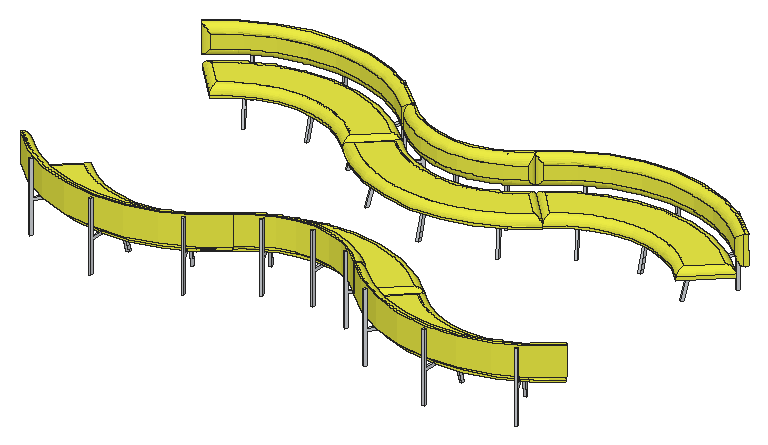
Revit family
Reference planes
  plane 1 "중심(앞/뒤)": y = 0
  plane 2: z = 0
  plane 3 "중심(왼쪽/오른쪽)": x = 0
Nested families
  nested 1: "정원의자_1인용_거울" at (0, -1837.21, 0) x (0.7071, 0.7071, 0) z (0, 0, 1), type "정원의자_1인용_거울"
  nested 2: "정원의자_1인용" at (1767.767, -69.443, 0) x (-0.7071, -0.7071, 0) z (0, 0, 1), type "정원의자_1인용"
  nested 3: "정원의자_1인용" at (-1767.767, -69.443, 0) x (0.7071, -0.7071, 0) z (0, 0, 1), type "정원의자_1인용"
  nested 4: "정원의자_1인용_거울" at (0, 1837.21, 0) x (0.7071, -0.7071, 0) z (0, 0, 1), type "정원의자_1인용_거울"
  nested 5: "정원의자_1인용" at (1767.767, 69.443, 0) x (-0.7071, 0.7071, 0) z (0, 0, 1), type "정원의자_1인용"
  nested 6: "정원의자_1인용" at (-1767.767, 69.443, 0) x (0.7071, 0.7071, 0) z (0, 0, 1), type "정원의자_1인용"
Definition of nested family "정원의자_1인용_거울"
  Reference planes
    plane 1 "중심(앞/뒤)": y = 0
    plane 2: z = 0
    plane 3 "중심(왼쪽/오른쪽)": x = 0
    plane 4 "대각선": through (0, 0, 0) normal (0.7071, -0.7071, 0)
    plane 5: through (0, 0, 0) normal (0.9659, -0.2588, 0)
    plane 6: through (0, 0, 0) normal (0.2588, -0.9659, 0)
  Forms (mm)
    Extrusion 1, solid
      sketch origin (1767.767, 1767.767, 0) x (-0.707107, -0.707107, 0) y (0, 0, -1)
        loop
          line (1600, -725) -> (1625, -725) -> (1625, 0) -> (1600, 0) -> (1600, -325) -> (1211.377, -325) -> (1125.851, 0) -> (1100, 0) -> (1185.526, -325) -> (1100, -325) -> (1100, -350) -> (1600, -350) -> (1600, -725)
      from 12.5 to -12.5
    Extrusion 2, solid
      sketch origin (647.048, 2414.815, 0) x (-0.258819, -0.965926, 0) y (0, 0, -1)
        loop
          line (1600, -725) -> (1625, -725) -> (1625, 0) -> (1600, 0) -> (1600, -325) -> (1211.377, -325) -> (1125.851, 0) -> (1100, 0) -> (1185.526, -325) -> (1100, -325) -> (1100, -350) -> (1600, -350) -> (1600, -725)
      from 12.5 to -12.5
    Extrusion 3, solid
      sketch origin (2414.815, 647.048, 0) x (-0.965926, -0.258819, 0) y (0, 0, 1)
        loop
          line (1600, 725) -> (1600, 350) -> (1100, 350) -> (1100, 325) -> (1185.526, 325) -> (1100, 0) -> (1125.851, 0) -> (1211.377, 325) -> (1600, 325) -> (1600, 0) -> (1625, 0) -> (1625, 725) -> (1600, 725)
      from 12.5 to -12.5
  Nested families
    nested 1: "seat-yellow_mirror" at (0, 0, 0), type "seat-yellow_mirror"
  Definition of nested family "seat-yellow_mirror"
    Reference planes
      plane 1 "중심(앞/뒤)": y = 0
      plane 2: z = 0
      plane 3 "중심(왼쪽/오른쪽)": x = 0
      plane 4 "대각선": through (0, 0, 0) normal (0.7071, -0.7071, 0)
    Forms (mm)
      Sweep 1, solid, material "시트"
        path origin (0, 0, 350) x (1, 0, 0) y (0, 1, 0)
          loop
            arc (1000, 0) -> (707.107, 707.107) -> (0, 1000) r 1000
        profile "profile_m : profile_m" origin (707.107, 707.107, 350) x (-0.707107, -0.707107, 0) y (0, 0, 1)
          loop
            line (80, 100) -> (100, 100) -> (100, 400) -> (80, 400)
            arc (80, 400) -> (23.431, 376.569) -> (0, 320) r 80
            line (0, 320) -> (0, 180)
            arc (0, 180) -> (23.431, 123.431) -> (80, 100) r 80
          loop
            line (-500, 0) -> (0, 0) -> (0, 20)
            arc (0, 20) -> (-23.431, 76.569) -> (-80, 100) r 80
            line (-80, 100) -> (-420, 100)
            arc (-420, 100) -> (-476.569, 76.569) -> (-500, 20) r 80
            line (-500, 20) -> (-500, 0)
      Extrusion 2, void
        sketch origin (3.903, 0, 346.611) x (1, 0, 0) y (0, 0, 1)
          loop
            arc (-5.085, 24.068) -> (18.346, 80.637) -> (74.915, 104.068) r 80
            line (74.915, 104.068) -> (-5.085, 104.068) -> (-5.085, 24.068)
        from -1499.575 to -638.949
      Extrusion 3, void
        sketch origin (2499.509, 4.767, 346.611) x (0, 1, 0) y (0, 0, 1)
          loop
            arc (-5.085, 24.068) -> (18.346, 80.637) -> (74.915, 104.068) r 80
            line (74.915, 104.068) -> (-5.085, 104.068) -> (-5.085, 24.068)
        from -1545.466 to -988.021
      Extrusion 4, void
        sketch origin (863.488, -1417.319, 350) x (0, 1, 0) y (-1, 0, 0)
          loop
            line (1416.319, -57.457) -> (1416.319, -137.457) -> (1496.319, -137.457)
            arc (1496.319, -137.457) -> (1439.75, -114.026) -> (1416.319, -57.457) r 80
        from 100 to 428.588
      Extrusion 5, void
        sketch origin (-1417.319, 863.148, 350) x (1, 0, 0) y (0, 1, 0)
          loop
            arc (1416.319, 57.457) -> (1439.75, 114.026) -> (1496.319, 137.457) r 80
            line (1496.319, 137.457) -> (1416.319, 137.457) -> (1416.319, 57.457)
        from 100 to 428.588
    Cuts and joins
      Extrusion 2, Extrusion 3, Extrusion 4, Extrusion 5 cuts Sweep 1
Definition of nested family "정원의자_1인용"
  Reference planes
    plane 1 "중심(앞/뒤)": y = 0
    plane 2: z = 0
    plane 3 "중심(왼쪽/오른쪽)": x = 0
    plane 4 "대각선": through (0, 0, 0) normal (0.7071, -0.7071, 0)
    plane 5: through (0, 0, 0) normal (0.9659, -0.2588, 0)
    plane 6: through (0, 0, 0) normal (0.2588, -0.9659, 0)
  Forms (mm)
    Extrusion 1, solid
      sketch origin (0, 0, 0) x (0.707107, 0.707107, 0) y (0, 0, 1)
        loop
          line (1600, 725) -> (1600, 350) -> (1100, 350) -> (1100, 325) -> (1185.526, 325) -> (1100, 0) -> (1125.851, 0) -> (1211.377, 325) -> (1600, 325) -> (1600, 0) -> (1625, 0) -> (1625, 725) -> (1600, 725)
      from 12.5 to -12.5
    Extrusion 2, solid
      sketch origin (0, 0, 0) x (0.258819, 0.965926, 0) y (0, 0, 1)
        loop
          line (1600, 725) -> (1600, 350) -> (1100, 350) -> (1100, 325) -> (1185.526, 325) -> (1100, 0) -> (1125.851, 0) -> (1211.377, 325) -> (1600, 325) -> (1600, 0) -> (1625, 0) -> (1625, 725) -> (1600, 725)
      from 12.5 to -12.5
    Extrusion 3, solid
      sketch origin (0, 0, 0) x (0.965926, 0.258819, 0) y (0, 0, 1)
        loop
          line (1600, 725) -> (1600, 350) -> (1100, 350) -> (1100, 325) -> (1185.526, 325) -> (1100, 0) -> (1125.851, 0) -> (1211.377, 325) -> (1600, 325) -> (1600, 0) -> (1625, 0) -> (1625, 725) -> (1600, 725)
      from 12.5 to -12.5
  Dimensions and locks
    nested 1 to Extrusion 1 sketch curve = 350 mm
  Nested families
    nested 1: "seat-yellow" at (0, 0, 0), type "seat-yellow"
  Definition of nested family "seat-yellow"
    Reference planes
      plane 1 "중심(앞/뒤)": y = 0
      plane 2: z = 0
      plane 3 "중심(왼쪽/오른쪽)": x = 0
      plane 4 "대각선": through (0, 0, 0) normal (0.7071, -0.7071, 0)
    Forms (mm)
      Sweep 1, solid, material "시트"
        path origin (0, 0, 350) x (1, 0, 0) y (0, 1, 0)
          loop
            arc (1000, 0) -> (707.107, 707.107) -> (0, 1000) r 1000
        profile "프로파일 : 프로파일" origin (707.107, 707.107, 350) x (-0.707107, -0.707107, 0) y (0, 0, 1)
          loop
            arc (-580, 100) -> (-523.431, 123.431) -> (-500, 180) r 80
            line (-500, 180) -> (-500, 320)
            arc (-500, 320) -> (-523.431, 376.569) -> (-580, 400) r 80
            line (-580, 400) -> (-600, 400) -> (-600, 100) -> (-580, 100)
          loop
            line (-500, 0) -> (0, 0) -> (0, 20)
            arc (0, 20) -> (-23.431, 76.569) -> (-80, 100) r 80
            line (-80, 100) -> (-420, 100)
            arc (-420, 100) -> (-476.569, 76.569) -> (-500, 20) r 80
            line (-500, 20) -> (-500, 0)
      Extrusion 2, void
        sketch origin (3.903, 0, 346.611) x (1, 0, 0) y (0, 0, 1)
          loop
            arc (-5.085, 24.068) -> (18.346, 80.637) -> (74.915, 104.068) r 80
            line (74.915, 104.068) -> (-5.085, 104.068) -> (-5.085, 24.068)
        from -1499.575 to -638.949
      Extrusion 3, void
        sketch origin (2499.509, 4.767, 346.611) x (0, 1, 0) y (0, 0, 1)
          loop
            arc (-5.085, 24.068) -> (18.346, 80.637) -> (74.915, 104.068) r 80
            line (74.915, 104.068) -> (-5.085, 104.068) -> (-5.085, 24.068)
        from -1545.466 to -988.021
      Extrusion 4, void
        sketch origin (81.053, 136.457, 350) x (1, 0, 0) y (0, 1, 0)
          loop
            line (1416.319, -57.457) -> (1416.319, -137.457) -> (1496.319, -137.457)
            arc (1496.319, -137.457) -> (1439.75, -114.026) -> (1416.319, -57.457) r 80
        from 100 to 428.588
      Extrusion 5, void
        sketch origin (136.457, 81.053, 350) x (0, 1, 0) y (-1, 0, 0)
          loop
            arc (1416.319, 57.457) -> (1439.75, 114.026) -> (1496.319, 137.457) r 80
            line (1496.319, 137.457) -> (1416.319, 137.457) -> (1416.319, 57.457)
        from 100 to 428.588
    Cuts and joins
      Extrusion 2, Extrusion 3, Extrusion 4, Extrusion 5 cuts Sweep 1
